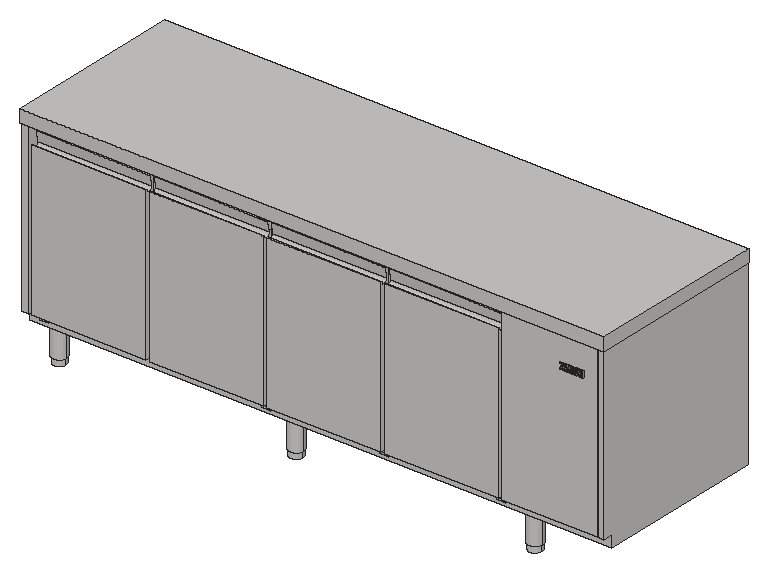
Revit family "QF_ZANUSSI_111056_ZH4HDAAAA", category Specialty Equipment, Revit 2018
Family settings
  Round Connector Dimension = Use Diameter
  Part Type = Normal
  Work Plane-Based = No
  Always vertical = Yes
  Cut with Voids When Loaded = No
  Shared = No
  Room Calculation Point = No
Parameters
  Weight = 0.00 kg
  Watts = 0.0232258 W
  Volts = 220 V
  URL Manufacturer = "http://www.zanussiprofessional.com/"
  URL = "http://www.zanussiprofessional.com/"
  Steam Supply Size = 0 mm
  Steam Supply Minimum Pressure = 0.0 Pa
  Steam Supply Maximum Pressure = 0.0 Pa
  Steam Pounds per Hour = 0
  Show Logo [instance] = yes
  Show Clearance [instance] = yes
  Refrigeration Suction Line Size = 0 mm
  Refrigeration Liquid Line Size = 0 mm
  Refrigerant Compressor Remote = yes
  Manufacturer = "Zanussi"
  Phase = 1
  Model = "ZH4HDAAAA"
  Length Actual = 2253 mm  # constant formula
  Item Number = "111056"
  Hot Water Size = 0 mm
  Height Actual = 900 mm  # constant formula
  HP = "0.3 HP"
  Gas Size = 0 mm
  Gas KW = 0
  Gas Input Pressure = 0 W
  Description = "4 DOORS REF.TABLE 590L-COOLING UNIT RGT"
  Depth Actual = 700 mm  # constant formula
  Cycle = 50 Hz
  Condensate Return Size = 0 mm
  Compressed Air Volume = 0.0 L/s
  Compressed Air Size = 0 mm
  Compressed Air Pressure = 0.0 Pa
  Cold Water Size = 0 mm
  Accessory = yes
Reference planes
  plane 1 "Center X": y = 182.5
  plane 2: z = 0
  plane 3 "Center Y": x = -580.5
  plane 4: y = -62.5
  plane 5: y = 451.5
  plane 6 "BACK": y = 532.5
  plane 7 "FRONT": y = -167.5
  plane 8: x = -1639
  plane 9: x = 199
  plane 10: z = 150
  plane 11 "TOP": z = 900
  plane 12: z = 850
  plane 13 "LEFT": x = -1705
  plane 14 "RIGHT": x = 544
  plane 15: x = -724
  plane 16: x = -1707
  plane 17: x = 546
Forms (mm)
  Extrusion 1, solid, material "QF_Finishes_Stainless Steel"
    sketch origin (-580.5, 2, 0) x (0, 1, 0) y (0, 0, 1)
      loop
        line (530.5, 150) -> (530.5, 850) -> (-124.5, 850) -> (-124.5, 150) -> (530.5, 150)
    from -1124.5 to 1124.5
  Extrusion 2, solid, material "QF_Finishes_Stainless Steel"
    sketch origin (-1022.223, -1524, 150) x (-1, 0, 0) y (0, -1, 0)
      loop
        line (682.777, -1361.5) -> (657.777, -1361.5) -> (657.777, -1401.5) -> (682.777, -1401.5) -> (682.777, -1361.5)
      loop
        line (-1566.223, -1401.5) -> (-1541.223, -1401.5) -> (-1541.223, -1361.5) -> (-1566.223, -1361.5) -> (-1566.223, -1401.5)
    from 47 to 700
  Extrusion 3, solid, material "QF_Finishes_Stainless Steel"
    sketch origin (0, 0, 900) x (-1, 0, 0) y (0, -1, 0)
      loop
        circle (310, -94.5) r 8.45
      loop
        circle (1218, -94.5) r 8.45
    from -790.577 to -750
  Extrusion 4, solid, material "QF_Finishes_Stainless Steel"
    sketch origin (0, 0, 0) x (1, 0, 0) y (0, 1, 0)
      loop
        circle (460, 451.5) r 4
    from 109.423 to 150
  Extrusion 5, solid, material "QF_Finishes_Stainless Steel"
    sketch origin (-126.5, 0, 0) x (0, 1, 0) y (0, 0, 1)
      loop
        line (-167.5, 900) -> (-167.5, 850) -> (532.5, 850) -> (532.5, 900) -> (-167.5, 900)
    from 672.5 to -1580.5
Cuts and joins
  joined: Extrusion 1, Extrusion 2
Lines and regions (mm)
  symbolic lines, style "SpecialityEquipmentHiddenLines"
    curve 1: line (-1707, -122.5, 900) -> (546, -122.5, 900)
    curve 2: line (-1583, -167.5, 900) -> (-1583, -122.5, 900)
  symbolic lines, style "SpecialityEquipment"
    curve 3: line (-1707, 532.5, 900) -> (546, 532.5, 900)
    curve 4: line (-1707, 532.5, 900) -> (-1707, -167.5, 900)
    curve 5: line (-1707, -167.5, 900) -> (546, -167.5, 900)
    curve 6: line (546, -167.5, 900) -> (546, 532.5, 900)
Dimensions and locks
  locked: plane 6 "BACK" to plane 7 "FRONT" at 700
  equal spacing: plane 6 "BACK", plane 1 "Center X", plane 7 "FRONT"
  locked: plane 6 "BACK" to plane 5 at 81
  plane 10 to level = 150 mm
  plane 11 "TOP" to plane 12 to plane 10 = 50 mm locked, 700 mm locked
  locked: Extrusion 2 sketch curve to Extrusion 2 sketch curve at 25  (x2)
  locked: plane 4 to plane 7 "FRONT" at 105
  locked: plane 6 "BACK" to Extrusion 3 sketch curve at 438  (x2)
  equal spacing: plane 13 "LEFT", plane 3 "Center Y", plane 14 "RIGHT"
  plane 16 to plane 17 = 2253 mm
  plane 13 "LEFT" to plane 8 = 66 mm
  plane 15 to plane 9 to plane 14 "RIGHT" = 923 mm, 345 mm
  plane 13 "LEFT" to Extrusion 3 sketch curve to Extrusion 3 sketch curve = 487 mm locked, 908 mm locked
  Extrusion 4 sketch curve to plane 14 "RIGHT" = 84 mm
  locked: plane 6 "BACK" to Extrusion 4 sketch curve at 81
  locked: plane 10 to Extrusion 4 at 40.577
  aligned and locked: level to plane 2
  aligned and locked: plane 10 to Extrusion 3
  aligned and locked: nested 4 to plane 4
  aligned and locked: nested 1 to plane 4
  aligned and locked: nested 3 to plane 5
  aligned and locked: nested 2 to plane 5
  aligned and locked: plane 8 to nested 1
  aligned and locked: plane 8 to nested 2
  aligned and locked: plane 9 to nested 4
  aligned and locked: plane 9 to nested 3
  aligned and locked: Extrusion 1 to Extrusion 2
  aligned and locked: Extrusion 2 to Extrusion 1
  aligned and locked: Extrusion 2 sketch curve to plane 14 "RIGHT"
  aligned and locked: plane 13 "LEFT" to Extrusion 2 sketch curve
  aligned and locked: cut or joined group of Extrusion 1, Extrusion 2 to plane 10
  aligned and locked: plane 12 to cut or joined group of Extrusion 1, Extrusion 2
  aligned and locked: plane 10 to Extrusion 4
  aligned and locked: plane 15 to nested 11
  aligned and locked: plane 15 to nested 12
Automatic sketch dimensions
  plane 7 "FRONT" to Extrusion 2 sketch curve = 45 mm  (x2)
  plane 7 "FRONT" to Extrusion 2 sketch curve = 5 mm  (x2)
  curve 2 to plane 7 "FRONT" = 0 mm
  curve 5 to plane 16 = 0 mm
  curve 3 to plane 6 "BACK" = 0 mm
  plane 8 to curve 2 = 56 mm
  plane 7 "FRONT" to curve 1 = 45 mm
  Extrusion 1 sketch curve to plane 10 = 0 mm
  Extrusion 1 sketch curve to plane 12 = 0 mm
  Extrusion 1 sketch curve to plane 6 "BACK" = 0 mm
  plane 7 "FRONT" to Extrusion 1 sketch curve = 45 mm
  Extrusion 5 sketch curve to plane 7 "FRONT" = 0 mm
  Extrusion 5 sketch curve to plane 6 "BACK" = 0 mm
  Extrusion 5 sketch curve to plane 12 = 0 mm
  Extrusion 5 sketch curve to plane 11 "TOP" = 0 mm
  curve 6 to plane 17 = 0 mm
  radius of Extrusion 3 sketch curve = 8.45 mm  (x2)
  radius of Extrusion 4 sketch curve = 4 mm
Nested families
  nested 1: "Foot_Ø50_H150" at (-1639, -62.5, 0), type "Foot_Ø50_H150"
  nested 2: "Foot_Ø50_H150" at (-1639, 451.5, 0), type "Foot_Ø50_H150"
  nested 3: "Foot_Ø50_H150" at (199, 451.5, 0), type "Foot_Ø50_H150"
  nested 4: "Foot_Ø50_H150" at (199, -62.5, 0), type "Foot_Ø50_H150"
  nested 5: "Door" at (-84, -164.5, 0), Show Clearance <- "Show Clearance", type "Door"
  nested 6: "Door" at (-538, -164.5, 0), Show Clearance <- "Show Clearance", type "Door"
  nested 7: "Refrigerator" at (544, -167.5, 900), type "Refrigerator"
  nested 8: "ZAN_Cooling Unit" at (334.5, -164.5, 0), Show Logo <- "Show Logo", type "ZAN_Cooling Unit"
  nested 9: "Door" at (-992, -164.5, 0), Show Clearance <- "Show Clearance", type "Door"
  nested 10: "Door" at (-1446, -164.5, 0) x (-1, 0, 0) z (0, 0, 1), Show Clearance <- "Show Clearance", type "Door"
  nested 11: "Foot_Ø50_H150" at (-724, -62.5, 0), type "Foot_Ø50_H150"
  nested 12: "Foot_Ø50_H150" at (-724, 451.5, 0), type "Foot_Ø50_H150"
Connectors
  electrical at (460, 451.5, 109.423), driven by "Volts"
    settings: on Extrusion 4, index 4, voltage 220 V, apparent load 0 VA, apparent load phase1 0 VA, apparent load phase2 0 VA, apparent load phase3 0 VA, power factor 1, load classification "Altro", number of poles 1, system type 30, power factor state 1, is connector primary yes, connector utility no, sub classification motor no, connector description "Electrical Connection"
  piping at (-310, 94.5, 109.423), diameter 17
    settings: on Extrusion 3, index 5, connector inside diameter 609.6 mm, connector length 0 mm, flow factor 0, pipe flow 0.0 L/s, pressure drop 0.0 Pa, fitting loss kfactor 0, connector angle 0.00°, fixture units 0, engagement length 0 mm, angle of deflection 0.00°, flow configuration 1, flow direction 2, fitting loss method 0, system type 16, joint type 0, gender type 0, connector reference index -1, connector utility 0, adjustable connector no, is connector primary yes, connector description "Drain"
  piping at (-1218, 94.5, 109.423), diameter 17
    settings: on Extrusion 3, index 6, connector inside diameter 609.6 mm, connector length 0 mm, flow factor 0, pipe flow 0.0 L/s, pressure drop 0.0 Pa, fitting loss kfactor 0, connector angle 0.00°, fixture units 0, engagement length 0 mm, angle of deflection 0.00°, flow configuration 1, flow direction 2, fitting loss method 0, system type 16, joint type 0, gender type 0, connector reference index -1, connector utility 0, adjustable connector no, is connector primary no, connector description "Drain"
Definition of nested family "Foot_Ø50_H150"
  Reference planes
    plane 1 "Centro (Fronte/Retro)": y = 0
    plane 2: z = 0
    plane 3 "Centro (Sinistra/Destra)": x = 0
    plane 4: z = 150
  Forms (mm)
    Revolve 1, solid
      sketch origin (255.05, 0, 608.09) x (0, 0, 1) y (-1, 0, 0)
        loop
          line (-608.09, 255.05) -> (-608.09, 230.05) -> (-583.09, 230.05) -> (-583.09, 226.05) -> (-458.09, 226.05) -> (-458.09, 255.05) -> (-608.09, 255.05)
        axis (-608.09, 255.05) -> (-458.09, 255.05)
      angle from 0 to 360
  Dimensions and locks
    locked: Revolve 1 sketch curve to Revolve 1 sketch curve at 125
    aligned and locked: level to plane 2
    aligned and locked: plane 4 to Revolve 1 sketch curve
    aligned and locked: Revolve 1 sketch curve to level
    aligned and locked: plane 3 "Centro (Sinistra/Destra)" to Revolve 1 sketch curve
Definition of nested family "Door"
  Parameters
    Show Clearance [instance] = yes
  Reference planes
    plane 1 "FRONT": y = -3
    plane 2: z = 0
    plane 3 "Centro (Sinistra/Destra)": x = 0
    plane 4: z = 150
    plane 5: z = 850
    plane 6: x = -234
    plane 7: x = 234
    plane 8: x = -220
    plane 9: x = 220
  Forms (mm)
    Extrusion 1, solid
      sketch origin (0, 53, 511) x (0, 0, 1) y (0, -1, 0)
        loop
          line (-323.003, 28.5) -> (-316.501, 28.5) -> (-316.501, 31) -> (-325.503, 31) -> (-325.503, 13.5) -> (-345.503, 13.5) -> (-345.503, 11) -> (-323.003, 11) -> (-323.003, 23.259) -> (-323.003, 28.5)
        loop
          line (-314, 27) -> (-316.501, 27) -> (-316.501, 18.501) -> (-319.752, 18.501) -> (-319.752, 16) -> (-314, 16) -> (-314, 27)
        loop
          line (315.003, 27) -> (315.003, 13.948) -> (315.003, 11) -> (327.503, 11) -> (327.503, 13.5) -> (317.503, 13.5) -> (317.503, 27) -> (315.003, 27)
      from 185 to 220
    Extrusion 2, solid, visible <- "Show Clearance", detail levels coarse
      sketch origin (0, 53, 511) x (0, -1, 0) y (1, 0, 0)
        loop
          line (51, 220) -> (51, -220)
          arc (51, -220) -> (339.234, -79.44) -> (454, 220) r 437.168
          line (454, 220) -> (51, 220)
      from -314 to 314
    Extrusion 3, solid
      sketch origin (0, 55, 511) x (0, 0, 1) y (0, -1, 0)
        loop
          line (314, 18) -> (314, 29) -> (274.395, 22.5)
          arc (274.395, 22.5) -> (260.395, 36.5) -> (274.395, 50.5) r 14
          line (274.395, 50.5) -> (274.395, 53) -> (-314, 53) -> (-314, 18) -> (314, 18)
      from -220 to 220
  Lines and regions (mm)
    symbolic lines
      curve 1: line (220, -3, 0) -> (220, -401, 0)
      curve 2: line (220, -401, 0) -> (185, -401, 0)
      curve 3: line (185, -401, 0) -> (185, -3, 0)
      curve 4: arc (-219.722, -3, 0) -> (-89.51, -275.368, 0) -> (185, -401, 0) r 442.855
  Dimensions and locks
    aligned and locked: level to plane 2
Definition of nested family "ZAN_Cooling Unit"
  Parameters
    Show Logo [instance] = yes
  Reference planes
    plane 1 "FRONT": y = -3
    plane 2: z = 0
    plane 3 "Centro (Sinistra/Destra)": x = 0
    plane 4: z = 150
    plane 5: z = 850
    plane 6: x = -184.5
    plane 7: x = 184.5
  Forms (mm)
    Extrusion 1, solid
      sketch origin (0, 55, 511) x (0, 0, 1) y (0, -1, 0)
        loop
          line (-314, 53) -> (-314, 13) -> (339, 13) -> (339, 53) -> (-314, 53)
      from -184.5 to 184.5
  Lines and regions (mm)
    Split face 1
      outline origin (0, 2, 197) x (0, 0, 1) y (-1, 0, 0)
        loop
          line (566.835, 184.5) -> (566.835, -184.5)
        loop
          line (521.835, 184.5) -> (521.835, -184.5)
    Split face 2
      outline origin (0, 2, 197) x (0, 0, 1) y (-1, 0, 0)
        loop
          arc (510.649, 158.547) -> (506.648, 162.548) -> (502.647, 158.547) r 4.001
          line (502.647, 158.547) -> (502.647, 116.535)
          arc (502.647, 116.535) -> (506.648, 112.533) -> (510.649, 116.535) r 4.001
          line (510.649, 116.535) -> (510.649, 158.547)
    Split face 3
      outline origin (0, 2, 184.996) x (0, 0, 1) y (-1, 0, 0)
        loop
          arc (510.649, 158.547) -> (506.648, 162.548) -> (502.647, 158.547) r 4.001
          line (502.647, 158.547) -> (502.647, 116.535)
          arc (502.647, 116.535) -> (506.648, 112.533) -> (510.649, 116.535) r 4.001
          line (510.649, 116.535) -> (510.649, 158.547)
    Split face 4
      outline origin (0, 2, 172.993) x (0, 0, 1) y (-1, 0, 0)
        loop
          arc (510.649, 158.547) -> (506.648, 162.548) -> (502.647, 158.547) r 4.001
          line (502.647, 158.547) -> (502.647, 116.535)
          arc (502.647, 116.535) -> (506.648, 112.533) -> (510.649, 116.535) r 4.001
          line (510.649, 116.535) -> (510.649, 158.547)
    Split face 5
      outline origin (0, 2, 160.989) x (0, 0, 1) y (-1, 0, 0)
        loop
          arc (510.649, 158.547) -> (506.648, 162.548) -> (502.647, 158.547) r 4.001
          line (502.647, 158.547) -> (502.647, 116.535)
          arc (502.647, 116.535) -> (506.648, 112.533) -> (510.649, 116.535) r 4.001
          line (510.649, 116.535) -> (510.649, 158.547)
    Split face 6
      outline origin (0, 2, 148.986) x (0, 0, 1) y (-1, 0, 0)
        loop
          arc (510.649, 158.547) -> (506.648, 162.548) -> (502.647, 158.547) r 4.001
          line (502.647, 158.547) -> (502.647, 116.535)
          arc (502.647, 116.535) -> (506.648, 112.533) -> (510.649, 116.535) r 4.001
          line (510.649, 116.535) -> (510.649, 158.547)
    Split face 7
      outline origin (0, 2, 136.982) x (0, 0, 1) y (-1, 0, 0)
        loop
          arc (510.649, 158.547) -> (506.648, 162.548) -> (502.647, 158.547) r 4.001
          line (502.647, 158.547) -> (502.647, 116.535)
          arc (502.647, 116.535) -> (506.648, 112.533) -> (510.649, 116.535) r 4.001
          line (510.649, 116.535) -> (510.649, 158.547)
    Split face 8
      outline origin (0, 2, 124.979) x (0, 0, 1) y (-1, 0, 0)
        loop
          arc (510.649, 158.547) -> (506.648, 162.548) -> (502.647, 158.547) r 4.001
          line (502.647, 158.547) -> (502.647, 116.535)
          arc (502.647, 116.535) -> (506.648, 112.533) -> (510.649, 116.535) r 4.001
          line (510.649, 116.535) -> (510.649, 158.547)
    Split face 9
      outline origin (0, 2, 112.975) x (0, 0, 1) y (-1, 0, 0)
        loop
          arc (510.649, 158.547) -> (506.648, 162.548) -> (502.647, 158.547) r 4.001
          line (502.647, 158.547) -> (502.647, 116.535)
          arc (502.647, 116.535) -> (506.648, 112.533) -> (510.649, 116.535) r 4.001
          line (510.649, 116.535) -> (510.649, 158.547)
    Split face 10
      outline origin (0, 2, 100.972) x (0, 0, 1) y (-1, 0, 0)
        loop
          arc (510.649, 158.547) -> (506.648, 162.548) -> (502.647, 158.547) r 4.001
          line (502.647, 158.547) -> (502.647, 116.535)
          arc (502.647, 116.535) -> (506.648, 112.533) -> (510.649, 116.535) r 4.001
          line (510.649, 116.535) -> (510.649, 158.547)
    Split face 11
      outline origin (0, 2, 88.968) x (0, 0, 1) y (-1, 0, 0)
        loop
          arc (510.649, 158.547) -> (506.648, 162.548) -> (502.647, 158.547) r 4.001
          line (502.647, 158.547) -> (502.647, 116.535)
          arc (502.647, 116.535) -> (506.648, 112.533) -> (510.649, 116.535) r 4.001
          line (510.649, 116.535) -> (510.649, 158.547)
    Split face 12
      outline origin (0, 2, 76.965) x (0, 0, 1) y (-1, 0, 0)
        loop
          arc (510.649, 158.547) -> (506.648, 162.548) -> (502.647, 158.547) r 4.001
          line (502.647, 158.547) -> (502.647, 116.535)
          arc (502.647, 116.535) -> (506.648, 112.533) -> (510.649, 116.535) r 4.001
          line (510.649, 116.535) -> (510.649, 158.547)
    Split face 13
      outline origin (0, 2, 64.961) x (0, 0, 1) y (-1, 0, 0)
        loop
          arc (510.649, 158.547) -> (506.648, 162.548) -> (502.647, 158.547) r 4.001
          line (502.647, 158.547) -> (502.647, 116.535)
          arc (502.647, 116.535) -> (506.648, 112.533) -> (510.649, 116.535) r 4.001
          line (510.649, 116.535) -> (510.649, 158.547)
    Split face 14
      outline origin (0, 2, 52.958) x (0, 0, 1) y (-1, 0, 0)
        loop
          arc (510.649, 158.547) -> (506.648, 162.548) -> (502.647, 158.547) r 4.001
          line (502.647, 158.547) -> (502.647, 116.535)
          arc (502.647, 116.535) -> (506.648, 112.533) -> (510.649, 116.535) r 4.001
          line (510.649, 116.535) -> (510.649, 158.547)
    Split face 15
      outline origin (0, 2, 40.954) x (0, 0, 1) y (-1, 0, 0)
        loop
          arc (510.649, 158.547) -> (506.648, 162.548) -> (502.647, 158.547) r 4.001
          line (502.647, 158.547) -> (502.647, 116.535)
          arc (502.647, 116.535) -> (506.648, 112.533) -> (510.649, 116.535) r 4.001
          line (510.649, 116.535) -> (510.649, 158.547)
    Split face 16
      outline origin (0, 2, 28.951) x (0, 0, 1) y (-1, 0, 0)
        loop
          arc (510.649, 158.547) -> (506.648, 162.548) -> (502.647, 158.547) r 4.001
          line (502.647, 158.547) -> (502.647, 116.535)
          arc (502.647, 116.535) -> (506.648, 112.533) -> (510.649, 116.535) r 4.001
          line (510.649, 116.535) -> (510.649, 158.547)
    Split face 17
      outline origin (0, 2, 16.947) x (0, 0, 1) y (-1, 0, 0)
        loop
          arc (510.649, 158.547) -> (506.648, 162.548) -> (502.647, 158.547) r 4.001
          line (502.647, 158.547) -> (502.647, 116.535)
          arc (502.647, 116.535) -> (506.648, 112.533) -> (510.649, 116.535) r 4.001
          line (510.649, 116.535) -> (510.649, 158.547)
    Split face 18
      outline origin (55.016, 2, 197) x (0, 0, 1) y (-1, 0, 0)
        loop
          arc (510.649, 158.547) -> (506.648, 162.548) -> (502.647, 158.547) r 4.001
          line (502.647, 158.547) -> (502.647, 116.535)
          arc (502.647, 116.535) -> (506.648, 112.533) -> (510.649, 116.535) r 4.001
          line (510.649, 116.535) -> (510.649, 158.547)
    Split face 19
      outline origin (55.016, 2, 184.996) x (0, 0, 1) y (-1, 0, 0)
        loop
          arc (510.649, 158.547) -> (506.648, 162.548) -> (502.647, 158.547) r 4.001
          line (502.647, 158.547) -> (502.647, 116.535)
          arc (502.647, 116.535) -> (506.648, 112.533) -> (510.649, 116.535) r 4.001
          line (510.649, 116.535) -> (510.649, 158.547)
    Split face 20
      outline origin (55.016, 2, 172.993) x (0, 0, 1) y (-1, 0, 0)
        loop
          arc (510.649, 158.547) -> (506.648, 162.548) -> (502.647, 158.547) r 4.001
          line (502.647, 158.547) -> (502.647, 116.535)
          arc (502.647, 116.535) -> (506.648, 112.533) -> (510.649, 116.535) r 4.001
          line (510.649, 116.535) -> (510.649, 158.547)
    Split face 21
      outline origin (55.016, 2, 160.989) x (0, 0, 1) y (-1, 0, 0)
        loop
          arc (510.649, 158.547) -> (506.648, 162.548) -> (502.647, 158.547) r 4.001
          line (502.647, 158.547) -> (502.647, 116.535)
          arc (502.647, 116.535) -> (506.648, 112.533) -> (510.649, 116.535) r 4.001
          line (510.649, 116.535) -> (510.649, 158.547)
    Split face 22
      outline origin (55.016, 2, 148.986) x (0, 0, 1) y (-1, 0, 0)
        loop
          arc (510.649, 158.547) -> (506.648, 162.548) -> (502.647, 158.547) r 4.001
          line (502.647, 158.547) -> (502.647, 116.535)
          arc (502.647, 116.535) -> (506.648, 112.533) -> (510.649, 116.535) r 4.001
          line (510.649, 116.535) -> (510.649, 158.547)
    Split face 23
      outline origin (55.016, 2, 136.982) x (0, 0, 1) y (-1, 0, 0)
        loop
          arc (510.649, 158.547) -> (506.648, 162.548) -> (502.647, 158.547) r 4.001
          line (502.647, 158.547) -> (502.647, 116.535)
          arc (502.647, 116.535) -> (506.648, 112.533) -> (510.649, 116.535) r 4.001
          line (510.649, 116.535) -> (510.649, 158.547)
    Split face 24
      outline origin (55.016, 2, 124.979) x (0, 0, 1) y (-1, 0, 0)
        loop
          arc (510.649, 158.547) -> (506.648, 162.548) -> (502.647, 158.547) r 4.001
          line (502.647, 158.547) -> (502.647, 116.535)
          arc (502.647, 116.535) -> (506.648, 112.533) -> (510.649, 116.535) r 4.001
          line (510.649, 116.535) -> (510.649, 158.547)
    Split face 25
      outline origin (55.016, 2, 112.975) x (0, 0, 1) y (-1, 0, 0)
        loop
          arc (510.649, 158.547) -> (506.648, 162.548) -> (502.647, 158.547) r 4.001
          line (502.647, 158.547) -> (502.647, 116.535)
          arc (502.647, 116.535) -> (506.648, 112.533) -> (510.649, 116.535) r 4.001
          line (510.649, 116.535) -> (510.649, 158.547)
    Split face 26
      outline origin (55.016, 2, 100.972) x (0, 0, 1) y (-1, 0, 0)
        loop
          arc (510.649, 158.547) -> (506.648, 162.548) -> (502.647, 158.547) r 4.001
          line (502.647, 158.547) -> (502.647, 116.535)
          arc (502.647, 116.535) -> (506.648, 112.533) -> (510.649, 116.535) r 4.001
          line (510.649, 116.535) -> (510.649, 158.547)
    Split face 27
      outline origin (55.016, 2, 88.968) x (0, 0, 1) y (-1, 0, 0)
        loop
          arc (510.649, 158.547) -> (506.648, 162.548) -> (502.647, 158.547) r 4.001
          line (502.647, 158.547) -> (502.647, 116.535)
          arc (502.647, 116.535) -> (506.648, 112.533) -> (510.649, 116.535) r 4.001
          line (510.649, 116.535) -> (510.649, 158.547)
    Split face 28
      outline origin (55.016, 2, 76.965) x (0, 0, 1) y (-1, 0, 0)
        loop
          arc (510.649, 158.547) -> (506.648, 162.548) -> (502.647, 158.547) r 4.001
          line (502.647, 158.547) -> (502.647, 116.535)
          arc (502.647, 116.535) -> (506.648, 112.533) -> (510.649, 116.535) r 4.001
          line (510.649, 116.535) -> (510.649, 158.547)
    Split face 29
      outline origin (55.016, 2, 64.961) x (0, 0, 1) y (-1, 0, 0)
        loop
          arc (510.649, 158.547) -> (506.648, 162.548) -> (502.647, 158.547) r 4.001
          line (502.647, 158.547) -> (502.647, 116.535)
          arc (502.647, 116.535) -> (506.648, 112.533) -> (510.649, 116.535) r 4.001
          line (510.649, 116.535) -> (510.649, 158.547)
    Split face 30
      outline origin (55.016, 2, 52.958) x (0, 0, 1) y (-1, 0, 0)
        loop
          arc (510.649, 158.547) -> (506.648, 162.548) -> (502.647, 158.547) r 4.001
          line (502.647, 158.547) -> (502.647, 116.535)
          arc (502.647, 116.535) -> (506.648, 112.533) -> (510.649, 116.535) r 4.001
          line (510.649, 116.535) -> (510.649, 158.547)
    Split face 31
      outline origin (55.016, 2, 40.954) x (0, 0, 1) y (-1, 0, 0)
        loop
          arc (510.649, 158.547) -> (506.648, 162.548) -> (502.647, 158.547) r 4.001
          line (502.647, 158.547) -> (502.647, 116.535)
          arc (502.647, 116.535) -> (506.648, 112.533) -> (510.649, 116.535) r 4.001
          line (510.649, 116.535) -> (510.649, 158.547)
    Split face 32
      outline origin (55.016, 2, 28.951) x (0, 0, 1) y (-1, 0, 0)
        loop
          arc (510.649, 158.547) -> (506.648, 162.548) -> (502.647, 158.547) r 4.001
          line (502.647, 158.547) -> (502.647, 116.535)
          arc (502.647, 116.535) -> (506.648, 112.533) -> (510.649, 116.535) r 4.001
          line (510.649, 116.535) -> (510.649, 158.547)
    Split face 33
      outline origin (55.016, 2, 16.947) x (0, 0, 1) y (-1, 0, 0)
        loop
          arc (510.649, 158.547) -> (506.648, 162.548) -> (502.647, 158.547) r 4.001
          line (502.647, 158.547) -> (502.647, 116.535)
          arc (502.647, 116.535) -> (506.648, 112.533) -> (510.649, 116.535) r 4.001
          line (510.649, 116.535) -> (510.649, 158.547)
    Split face 34
      outline origin (110.032, 2, 197) x (0, 0, 1) y (-1, 0, 0)
        loop
          arc (510.649, 158.547) -> (506.648, 162.548) -> (502.647, 158.547) r 4.001
          line (502.647, 158.547) -> (502.647, 116.535)
          arc (502.647, 116.535) -> (506.648, 112.533) -> (510.649, 116.535) r 4.001
          line (510.649, 116.535) -> (510.649, 158.547)
    Split face 35
      outline origin (110.032, 2, 184.996) x (0, 0, 1) y (-1, 0, 0)
        loop
          arc (510.649, 158.547) -> (506.648, 162.548) -> (502.647, 158.547) r 4.001
          line (502.647, 158.547) -> (502.647, 116.535)
          arc (502.647, 116.535) -> (506.648, 112.533) -> (510.649, 116.535) r 4.001
          line (510.649, 116.535) -> (510.649, 158.547)
    Split face 36
      outline origin (110.032, 2, 172.993) x (0, 0, 1) y (-1, 0, 0)
        loop
          arc (510.649, 158.547) -> (506.648, 162.548) -> (502.647, 158.547) r 4.001
          line (502.647, 158.547) -> (502.647, 116.535)
          arc (502.647, 116.535) -> (506.648, 112.533) -> (510.649, 116.535) r 4.001
          line (510.649, 116.535) -> (510.649, 158.547)
    Split face 37
      outline origin (110.032, 2, 160.989) x (0, 0, 1) y (-1, 0, 0)
        loop
          arc (510.649, 158.547) -> (506.648, 162.548) -> (502.647, 158.547) r 4.001
          line (502.647, 158.547) -> (502.647, 116.535)
          arc (502.647, 116.535) -> (506.648, 112.533) -> (510.649, 116.535) r 4.001
          line (510.649, 116.535) -> (510.649, 158.547)
    Split face 38
      outline origin (110.032, 2, 148.986) x (0, 0, 1) y (-1, 0, 0)
        loop
          arc (510.649, 158.547) -> (506.648, 162.548) -> (502.647, 158.547) r 4.001
          line (502.647, 158.547) -> (502.647, 116.535)
          arc (502.647, 116.535) -> (506.648, 112.533) -> (510.649, 116.535) r 4.001
          line (510.649, 116.535) -> (510.649, 158.547)
    Split face 39
      outline origin (110.032, 2, 136.982) x (0, 0, 1) y (-1, 0, 0)
        loop
          arc (510.649, 158.547) -> (506.648, 162.548) -> (502.647, 158.547) r 4.001
          line (502.647, 158.547) -> (502.647, 116.535)
          arc (502.647, 116.535) -> (506.648, 112.533) -> (510.649, 116.535) r 4.001
          line (510.649, 116.535) -> (510.649, 158.547)
    Split face 40
      outline origin (110.032, 2, 124.979) x (0, 0, 1) y (-1, 0, 0)
        loop
          arc (510.649, 158.547) -> (506.648, 162.548) -> (502.647, 158.547) r 4.001
          line (502.647, 158.547) -> (502.647, 116.535)
          arc (502.647, 116.535) -> (506.648, 112.533) -> (510.649, 116.535) r 4.001
          line (510.649, 116.535) -> (510.649, 158.547)
    Split face 41
      outline origin (110.032, 2, 112.975) x (0, 0, 1) y (-1, 0, 0)
        loop
          arc (510.649, 158.547) -> (506.648, 162.548) -> (502.647, 158.547) r 4.001
          line (502.647, 158.547) -> (502.647, 116.535)
          arc (502.647, 116.535) -> (506.648, 112.533) -> (510.649, 116.535) r 4.001
          line (510.649, 116.535) -> (510.649, 158.547)
    Split face 42
      outline origin (110.032, 2, 100.972) x (0, 0, 1) y (-1, 0, 0)
        loop
          arc (510.649, 158.547) -> (506.648, 162.548) -> (502.647, 158.547) r 4.001
          line (502.647, 158.547) -> (502.647, 116.535)
          arc (502.647, 116.535) -> (506.648, 112.533) -> (510.649, 116.535) r 4.001
          line (510.649, 116.535) -> (510.649, 158.547)
    Split face 43
      outline origin (110.032, 2, 88.968) x (0, 0, 1) y (-1, 0, 0)
        loop
          arc (510.649, 158.547) -> (506.648, 162.548) -> (502.647, 158.547) r 4.001
          line (502.647, 158.547) -> (502.647, 116.535)
          arc (502.647, 116.535) -> (506.648, 112.533) -> (510.649, 116.535) r 4.001
          line (510.649, 116.535) -> (510.649, 158.547)
    Split face 44
      outline origin (110.032, 2, 76.965) x (0, 0, 1) y (-1, 0, 0)
        loop
          arc (510.649, 158.547) -> (506.648, 162.548) -> (502.647, 158.547) r 4.001
          line (502.647, 158.547) -> (502.647, 116.535)
          arc (502.647, 116.535) -> (506.648, 112.533) -> (510.649, 116.535) r 4.001
          line (510.649, 116.535) -> (510.649, 158.547)
    Split face 45
      outline origin (110.032, 2, 64.961) x (0, 0, 1) y (-1, 0, 0)
        loop
          arc (510.649, 158.547) -> (506.648, 162.548) -> (502.647, 158.547) r 4.001
          line (502.647, 158.547) -> (502.647, 116.535)
          arc (502.647, 116.535) -> (506.648, 112.533) -> (510.649, 116.535) r 4.001
          line (510.649, 116.535) -> (510.649, 158.547)
    Split face 46
      outline origin (110.032, 2, 52.958) x (0, 0, 1) y (-1, 0, 0)
        loop
          arc (510.649, 158.547) -> (506.648, 162.548) -> (502.647, 158.547) r 4.001
          line (502.647, 158.547) -> (502.647, 116.535)
          arc (502.647, 116.535) -> (506.648, 112.533) -> (510.649, 116.535) r 4.001
          line (510.649, 116.535) -> (510.649, 158.547)
    Split face 47
      outline origin (110.032, 2, 40.954) x (0, 0, 1) y (-1, 0, 0)
        loop
          arc (510.649, 158.547) -> (506.648, 162.548) -> (502.647, 158.547) r 4.001
          line (502.647, 158.547) -> (502.647, 116.535)
          arc (502.647, 116.535) -> (506.648, 112.533) -> (510.649, 116.535) r 4.001
          line (510.649, 116.535) -> (510.649, 158.547)
    Split face 48
      outline origin (110.032, 2, 28.951) x (0, 0, 1) y (-1, 0, 0)
        loop
          arc (510.649, 158.547) -> (506.648, 162.548) -> (502.647, 158.547) r 4.001
          line (502.647, 158.547) -> (502.647, 116.535)
          arc (502.647, 116.535) -> (506.648, 112.533) -> (510.649, 116.535) r 4.001
          line (510.649, 116.535) -> (510.649, 158.547)
    Split face 49
      outline origin (110.032, 2, 16.947) x (0, 0, 1) y (-1, 0, 0)
        loop
          arc (510.649, 158.547) -> (506.648, 162.548) -> (502.647, 158.547) r 4.001
          line (502.647, 158.547) -> (502.647, 116.535)
          arc (502.647, 116.535) -> (506.648, 112.533) -> (510.649, 116.535) r 4.001
          line (510.649, 116.535) -> (510.649, 158.547)
    Split face 50
      outline origin (165.048, 2, 197) x (0, 0, 1) y (-1, 0, 0)
        loop
          arc (510.649, 158.547) -> (506.648, 162.548) -> (502.647, 158.547) r 4.001
          line (502.647, 158.547) -> (502.647, 116.535)
          arc (502.647, 116.535) -> (506.648, 112.533) -> (510.649, 116.535) r 4.001
          line (510.649, 116.535) -> (510.649, 158.547)
    Split face 51
      outline origin (165.048, 2, 184.996) x (0, 0, 1) y (-1, 0, 0)
        loop
          arc (510.649, 158.547) -> (506.648, 162.548) -> (502.647, 158.547) r 4.001
          line (502.647, 158.547) -> (502.647, 116.535)
          arc (502.647, 116.535) -> (506.648, 112.533) -> (510.649, 116.535) r 4.001
          line (510.649, 116.535) -> (510.649, 158.547)
    Split face 52
      outline origin (165.048, 2, 172.993) x (0, 0, 1) y (-1, 0, 0)
        loop
          arc (510.649, 158.547) -> (506.648, 162.548) -> (502.647, 158.547) r 4.001
          line (502.647, 158.547) -> (502.647, 116.535)
          arc (502.647, 116.535) -> (506.648, 112.533) -> (510.649, 116.535) r 4.001
          line (510.649, 116.535) -> (510.649, 158.547)
    Split face 53
      outline origin (165.048, 2, 160.989) x (0, 0, 1) y (-1, 0, 0)
        loop
          arc (510.649, 158.547) -> (506.648, 162.548) -> (502.647, 158.547) r 4.001
          line (502.647, 158.547) -> (502.647, 116.535)
          arc (502.647, 116.535) -> (506.648, 112.533) -> (510.649, 116.535) r 4.001
          line (510.649, 116.535) -> (510.649, 158.547)
    Split face 54
      outline origin (165.048, 2, 148.986) x (0, 0, 1) y (-1, 0, 0)
        loop
          arc (510.649, 158.547) -> (506.648, 162.548) -> (502.647, 158.547) r 4.001
          line (502.647, 158.547) -> (502.647, 116.535)
          arc (502.647, 116.535) -> (506.648, 112.533) -> (510.649, 116.535) r 4.001
          line (510.649, 116.535) -> (510.649, 158.547)
    Split face 55
      outline origin (165.048, 2, 136.982) x (0, 0, 1) y (-1, 0, 0)
        loop
          arc (510.649, 158.547) -> (506.648, 162.548) -> (502.647, 158.547) r 4.001
          line (502.647, 158.547) -> (502.647, 116.535)
          arc (502.647, 116.535) -> (506.648, 112.533) -> (510.649, 116.535) r 4.001
          line (510.649, 116.535) -> (510.649, 158.547)
    Split face 56
      outline origin (165.048, 2, 124.979) x (0, 0, 1) y (-1, 0, 0)
        loop
          arc (510.649, 158.547) -> (506.648, 162.548) -> (502.647, 158.547) r 4.001
          line (502.647, 158.547) -> (502.647, 116.535)
          arc (502.647, 116.535) -> (506.648, 112.533) -> (510.649, 116.535) r 4.001
          line (510.649, 116.535) -> (510.649, 158.547)
    Split face 57
      outline origin (165.048, 2, 112.975) x (0, 0, 1) y (-1, 0, 0)
        loop
          arc (510.649, 158.547) -> (506.648, 162.548) -> (502.647, 158.547) r 4.001
          line (502.647, 158.547) -> (502.647, 116.535)
          arc (502.647, 116.535) -> (506.648, 112.533) -> (510.649, 116.535) r 4.001
          line (510.649, 116.535) -> (510.649, 158.547)
    Split face 58
      outline origin (165.048, 2, 100.972) x (0, 0, 1) y (-1, 0, 0)
        loop
          arc (510.649, 158.547) -> (506.648, 162.548) -> (502.647, 158.547) r 4.001
          line (502.647, 158.547) -> (502.647, 116.535)
          arc (502.647, 116.535) -> (506.648, 112.533) -> (510.649, 116.535) r 4.001
          line (510.649, 116.535) -> (510.649, 158.547)
    Split face 59
      outline origin (165.048, 2, 88.968) x (0, 0, 1) y (-1, 0, 0)
        loop
          arc (510.649, 158.547) -> (506.648, 162.548) -> (502.647, 158.547) r 4.001
          line (502.647, 158.547) -> (502.647, 116.535)
          arc (502.647, 116.535) -> (506.648, 112.533) -> (510.649, 116.535) r 4.001
          line (510.649, 116.535) -> (510.649, 158.547)
    Split face 60
      outline origin (165.048, 2, 76.965) x (0, 0, 1) y (-1, 0, 0)
        loop
          arc (510.649, 158.547) -> (506.648, 162.548) -> (502.647, 158.547) r 4.001
          line (502.647, 158.547) -> (502.647, 116.535)
          arc (502.647, 116.535) -> (506.648, 112.533) -> (510.649, 116.535) r 4.001
          line (510.649, 116.535) -> (510.649, 158.547)
    Split face 61
      outline origin (165.048, 2, 64.961) x (0, 0, 1) y (-1, 0, 0)
        loop
          arc (510.649, 158.547) -> (506.648, 162.548) -> (502.647, 158.547) r 4.001
          line (502.647, 158.547) -> (502.647, 116.535)
          arc (502.647, 116.535) -> (506.648, 112.533) -> (510.649, 116.535) r 4.001
          line (510.649, 116.535) -> (510.649, 158.547)
    Split face 62
      outline origin (165.048, 2, 52.958) x (0, 0, 1) y (-1, 0, 0)
        loop
          arc (510.649, 158.547) -> (506.648, 162.548) -> (502.647, 158.547) r 4.001
          line (502.647, 158.547) -> (502.647, 116.535)
          arc (502.647, 116.535) -> (506.648, 112.533) -> (510.649, 116.535) r 4.001
          line (510.649, 116.535) -> (510.649, 158.547)
    Split face 63
      outline origin (165.048, 2, 40.954) x (0, 0, 1) y (-1, 0, 0)
        loop
          arc (510.649, 158.547) -> (506.648, 162.548) -> (502.647, 158.547) r 4.001
          line (502.647, 158.547) -> (502.647, 116.535)
          arc (502.647, 116.535) -> (506.648, 112.533) -> (510.649, 116.535) r 4.001
          line (510.649, 116.535) -> (510.649, 158.547)
    Split face 64
      outline origin (165.048, 2, 28.951) x (0, 0, 1) y (-1, 0, 0)
        loop
          arc (510.649, 158.547) -> (506.648, 162.548) -> (502.647, 158.547) r 4.001
          line (502.647, 158.547) -> (502.647, 116.535)
          arc (502.647, 116.535) -> (506.648, 112.533) -> (510.649, 116.535) r 4.001
          line (510.649, 116.535) -> (510.649, 158.547)
    Split face 65
      outline origin (165.048, 2, 16.947) x (0, 0, 1) y (-1, 0, 0)
        loop
          arc (510.649, 158.547) -> (506.648, 162.548) -> (502.647, 158.547) r 4.001
          line (502.647, 158.547) -> (502.647, 116.535)
          arc (502.647, 116.535) -> (506.648, 112.533) -> (510.649, 116.535) r 4.001
          line (510.649, 116.535) -> (510.649, 158.547)
    Split face 66
      outline origin (220.064, 2, 197) x (0, 0, 1) y (-1, 0, 0)
        loop
          arc (510.649, 158.547) -> (506.648, 162.548) -> (502.647, 158.547) r 4.001
          line (502.647, 158.547) -> (502.647, 116.535)
          arc (502.647, 116.535) -> (506.648, 112.533) -> (510.649, 116.535) r 4.001
          line (510.649, 116.535) -> (510.649, 158.547)
    Split face 67
      outline origin (220.064, 2, 184.996) x (0, 0, 1) y (-1, 0, 0)
        loop
          arc (510.649, 158.547) -> (506.648, 162.548) -> (502.647, 158.547) r 4.001
          line (502.647, 158.547) -> (502.647, 116.535)
          arc (502.647, 116.535) -> (506.648, 112.533) -> (510.649, 116.535) r 4.001
          line (510.649, 116.535) -> (510.649, 158.547)
    Split face 68
      outline origin (220.064, 2, 172.993) x (0, 0, 1) y (-1, 0, 0)
        loop
          arc (510.649, 158.547) -> (506.648, 162.548) -> (502.647, 158.547) r 4.001
          line (502.647, 158.547) -> (502.647, 116.535)
          arc (502.647, 116.535) -> (506.648, 112.533) -> (510.649, 116.535) r 4.001
          line (510.649, 116.535) -> (510.649, 158.547)
    Split face 69
      outline origin (220.064, 2, 160.989) x (0, 0, 1) y (-1, 0, 0)
        loop
          arc (510.649, 158.547) -> (506.648, 162.548) -> (502.647, 158.547) r 4.001
          line (502.647, 158.547) -> (502.647, 116.535)
          arc (502.647, 116.535) -> (506.648, 112.533) -> (510.649, 116.535) r 4.001
          line (510.649, 116.535) -> (510.649, 158.547)
    Split face 70
      outline origin (220.064, 2, 148.986) x (0, 0, 1) y (-1, 0, 0)
        loop
          arc (510.649, 158.547) -> (506.648, 162.548) -> (502.647, 158.547) r 4.001
          line (502.647, 158.547) -> (502.647, 116.535)
          arc (502.647, 116.535) -> (506.648, 112.533) -> (510.649, 116.535) r 4.001
          line (510.649, 116.535) -> (510.649, 158.547)
    Split face 71
      outline origin (220.064, 2, 136.982) x (0, 0, 1) y (-1, 0, 0)
        loop
          arc (510.649, 158.547) -> (506.648, 162.548) -> (502.647, 158.547) r 4.001
          line (502.647, 158.547) -> (502.647, 116.535)
          arc (502.647, 116.535) -> (506.648, 112.533) -> (510.649, 116.535) r 4.001
          line (510.649, 116.535) -> (510.649, 158.547)
    Split face 72
      outline origin (220.064, 2, 124.979) x (0, 0, 1) y (-1, 0, 0)
        loop
          arc (510.649, 158.547) -> (506.648, 162.548) -> (502.647, 158.547) r 4.001
          line (502.647, 158.547) -> (502.647, 116.535)
          arc (502.647, 116.535) -> (506.648, 112.533) -> (510.649, 116.535) r 4.001
          line (510.649, 116.535) -> (510.649, 158.547)
    Split face 73
      outline origin (220.064, 2, 112.975) x (0, 0, 1) y (-1, 0, 0)
        loop
          arc (510.649, 158.547) -> (506.648, 162.548) -> (502.647, 158.547) r 4.001
          line (502.647, 158.547) -> (502.647, 116.535)
          arc (502.647, 116.535) -> (506.648, 112.533) -> (510.649, 116.535) r 4.001
          line (510.649, 116.535) -> (510.649, 158.547)
    Split face 74
      outline origin (220.064, 2, 100.972) x (0, 0, 1) y (-1, 0, 0)
        loop
          arc (510.649, 158.547) -> (506.648, 162.548) -> (502.647, 158.547) r 4.001
          line (502.647, 158.547) -> (502.647, 116.535)
          arc (502.647, 116.535) -> (506.648, 112.533) -> (510.649, 116.535) r 4.001
          line (510.649, 116.535) -> (510.649, 158.547)
    Split face 75
      outline origin (220.064, 2, 88.968) x (0, 0, 1) y (-1, 0, 0)
        loop
          arc (510.649, 158.547) -> (506.648, 162.548) -> (502.647, 158.547) r 4.001
          line (502.647, 158.547) -> (502.647, 116.535)
          arc (502.647, 116.535) -> (506.648, 112.533) -> (510.649, 116.535) r 4.001
          line (510.649, 116.535) -> (510.649, 158.547)
    Split face 76
      outline origin (220.064, 2, 76.965) x (0, 0, 1) y (-1, 0, 0)
        loop
          arc (510.649, 158.547) -> (506.648, 162.548) -> (502.647, 158.547) r 4.001
          line (502.647, 158.547) -> (502.647, 116.535)
          arc (502.647, 116.535) -> (506.648, 112.533) -> (510.649, 116.535) r 4.001
          line (510.649, 116.535) -> (510.649, 158.547)
    Split face 77
      outline origin (220.064, 2, 64.961) x (0, 0, 1) y (-1, 0, 0)
        loop
          arc (510.649, 158.547) -> (506.648, 162.548) -> (502.647, 158.547) r 4.001
          line (502.647, 158.547) -> (502.647, 116.535)
          arc (502.647, 116.535) -> (506.648, 112.533) -> (510.649, 116.535) r 4.001
          line (510.649, 116.535) -> (510.649, 158.547)
    Split face 78
      outline origin (220.064, 2, 52.958) x (0, 0, 1) y (-1, 0, 0)
        loop
          arc (510.649, 158.547) -> (506.648, 162.548) -> (502.647, 158.547) r 4.001
          line (502.647, 158.547) -> (502.647, 116.535)
          arc (502.647, 116.535) -> (506.648, 112.533) -> (510.649, 116.535) r 4.001
          line (510.649, 116.535) -> (510.649, 158.547)
    Split face 79
      outline origin (220.064, 2, 40.954) x (0, 0, 1) y (-1, 0, 0)
        loop
          arc (510.649, 158.547) -> (506.648, 162.548) -> (502.647, 158.547) r 4.001
          line (502.647, 158.547) -> (502.647, 116.535)
          arc (502.647, 116.535) -> (506.648, 112.533) -> (510.649, 116.535) r 4.001
          line (510.649, 116.535) -> (510.649, 158.547)
    Split face 80
      outline origin (220.064, 2, 28.951) x (0, 0, 1) y (-1, 0, 0)
        loop
          arc (510.649, 158.547) -> (506.648, 162.548) -> (502.647, 158.547) r 4.001
          line (502.647, 158.547) -> (502.647, 116.535)
          arc (502.647, 116.535) -> (506.648, 112.533) -> (510.649, 116.535) r 4.001
          line (510.649, 116.535) -> (510.649, 158.547)
    Split face 81
      outline origin (220.064, 2, 16.947) x (0, 0, 1) y (-1, 0, 0)
        loop
          arc (510.649, 158.547) -> (506.648, 162.548) -> (502.647, 158.547) r 4.001
          line (502.647, 158.547) -> (502.647, 116.535)
          arc (502.647, 116.535) -> (506.648, 112.533) -> (510.649, 116.535) r 4.001
          line (510.649, 116.535) -> (510.649, 158.547)
    Split face 82
      outline origin (275.081, 2, 197) x (0, 0, 1) y (-1, 0, 0)
        loop
          arc (510.649, 158.547) -> (506.648, 162.548) -> (502.647, 158.547) r 4.001
          line (502.647, 158.547) -> (502.647, 116.535)
          arc (502.647, 116.535) -> (506.648, 112.533) -> (510.649, 116.535) r 4.001
          line (510.649, 116.535) -> (510.649, 158.547)
    Split face 83
      outline origin (275.081, 2, 184.996) x (0, 0, 1) y (-1, 0, 0)
        loop
          arc (510.649, 158.547) -> (506.648, 162.548) -> (502.647, 158.547) r 4.001
          line (502.647, 158.547) -> (502.647, 116.535)
          arc (502.647, 116.535) -> (506.648, 112.533) -> (510.649, 116.535) r 4.001
          line (510.649, 116.535) -> (510.649, 158.547)
    Split face 84
      outline origin (275.081, 2, 172.993) x (0, 0, 1) y (-1, 0, 0)
        loop
          arc (510.649, 158.547) -> (506.648, 162.548) -> (502.647, 158.547) r 4.001
          line (502.647, 158.547) -> (502.647, 116.535)
          arc (502.647, 116.535) -> (506.648, 112.533) -> (510.649, 116.535) r 4.001
          line (510.649, 116.535) -> (510.649, 158.547)
    Split face 85
      outline origin (275.081, 2, 160.989) x (0, 0, 1) y (-1, 0, 0)
        loop
          arc (510.649, 158.547) -> (506.648, 162.548) -> (502.647, 158.547) r 4.001
          line (502.647, 158.547) -> (502.647, 116.535)
          arc (502.647, 116.535) -> (506.648, 112.533) -> (510.649, 116.535) r 4.001
          line (510.649, 116.535) -> (510.649, 158.547)
    Split face 86
      outline origin (275.081, 2, 148.986) x (0, 0, 1) y (-1, 0, 0)
        loop
          arc (510.649, 158.547) -> (506.648, 162.548) -> (502.647, 158.547) r 4.001
          line (502.647, 158.547) -> (502.647, 116.535)
          arc (502.647, 116.535) -> (506.648, 112.533) -> (510.649, 116.535) r 4.001
          line (510.649, 116.535) -> (510.649, 158.547)
    Split face 87
      outline origin (275.081, 2, 136.982) x (0, 0, 1) y (-1, 0, 0)
        loop
          arc (510.649, 158.547) -> (506.648, 162.548) -> (502.647, 158.547) r 4.001
          line (502.647, 158.547) -> (502.647, 116.535)
          arc (502.647, 116.535) -> (506.648, 112.533) -> (510.649, 116.535) r 4.001
          line (510.649, 116.535) -> (510.649, 158.547)
    Split face 88
      outline origin (275.081, 2, 124.979) x (0, 0, 1) y (-1, 0, 0)
        loop
          arc (510.649, 158.547) -> (506.648, 162.548) -> (502.647, 158.547) r 4.001
          line (502.647, 158.547) -> (502.647, 116.535)
          arc (502.647, 116.535) -> (506.648, 112.533) -> (510.649, 116.535) r 4.001
          line (510.649, 116.535) -> (510.649, 158.547)
    Split face 89
      outline origin (275.081, 2, 112.975) x (0, 0, 1) y (-1, 0, 0)
        loop
          arc (510.649, 158.547) -> (506.648, 162.548) -> (502.647, 158.547) r 4.001
          line (502.647, 158.547) -> (502.647, 116.535)
          arc (502.647, 116.535) -> (506.648, 112.533) -> (510.649, 116.535) r 4.001
          line (510.649, 116.535) -> (510.649, 158.547)
    Split face 90
      outline origin (275.081, 2, 100.972) x (0, 0, 1) y (-1, 0, 0)
        loop
          arc (510.649, 158.547) -> (506.648, 162.548) -> (502.647, 158.547) r 4.001
          line (502.647, 158.547) -> (502.647, 116.535)
          arc (502.647, 116.535) -> (506.648, 112.533) -> (510.649, 116.535) r 4.001
          line (510.649, 116.535) -> (510.649, 158.547)
    Split face 91
      outline origin (275.081, 2, 88.968) x (0, 0, 1) y (-1, 0, 0)
        loop
          arc (510.649, 158.547) -> (506.648, 162.548) -> (502.647, 158.547) r 4.001
          line (502.647, 158.547) -> (502.647, 116.535)
          arc (502.647, 116.535) -> (506.648, 112.533) -> (510.649, 116.535) r 4.001
          line (510.649, 116.535) -> (510.649, 158.547)
    Split face 92
      outline origin (275.081, 2, 76.965) x (0, 0, 1) y (-1, 0, 0)
        loop
          arc (510.649, 158.547) -> (506.648, 162.548) -> (502.647, 158.547) r 4.001
          line (502.647, 158.547) -> (502.647, 116.535)
          arc (502.647, 116.535) -> (506.648, 112.533) -> (510.649, 116.535) r 4.001
          line (510.649, 116.535) -> (510.649, 158.547)
    Split face 93
      outline origin (275.081, 2, 64.961) x (0, 0, 1) y (-1, 0, 0)
        loop
          arc (510.649, 158.547) -> (506.648, 162.548) -> (502.647, 158.547) r 4.001
          line (502.647, 158.547) -> (502.647, 116.535)
          arc (502.647, 116.535) -> (506.648, 112.533) -> (510.649, 116.535) r 4.001
          line (510.649, 116.535) -> (510.649, 158.547)
    Split face 94
      outline origin (275.081, 2, 52.958) x (0, 0, 1) y (-1, 0, 0)
        loop
          arc (510.649, 158.547) -> (506.648, 162.548) -> (502.647, 158.547) r 4.001
          line (502.647, 158.547) -> (502.647, 116.535)
          arc (502.647, 116.535) -> (506.648, 112.533) -> (510.649, 116.535) r 4.001
          line (510.649, 116.535) -> (510.649, 158.547)
    Split face 95
      outline origin (275.081, 2, 40.954) x (0, 0, 1) y (-1, 0, 0)
        loop
          arc (510.649, 158.547) -> (506.648, 162.548) -> (502.647, 158.547) r 4.001
          line (502.647, 158.547) -> (502.647, 116.535)
          arc (502.647, 116.535) -> (506.648, 112.533) -> (510.649, 116.535) r 4.001
          line (510.649, 116.535) -> (510.649, 158.547)
    Split face 96
      outline origin (275.081, 2, 28.951) x (0, 0, 1) y (-1, 0, 0)
        loop
          arc (510.649, 158.547) -> (506.648, 162.548) -> (502.647, 158.547) r 4.001
          line (502.647, 158.547) -> (502.647, 116.535)
          arc (502.647, 116.535) -> (506.648, 112.533) -> (510.649, 116.535) r 4.001
          line (510.649, 116.535) -> (510.649, 158.547)
    Split face 97
      outline origin (275.081, 2, 16.947) x (0, 0, 1) y (-1, 0, 0)
        loop
          arc (510.649, 158.547) -> (506.648, 162.548) -> (502.647, 158.547) r 4.001
          line (502.647, 158.547) -> (502.647, 116.535)
          arc (502.647, 116.535) -> (506.648, 112.533) -> (510.649, 116.535) r 4.001
          line (510.649, 116.535) -> (510.649, 158.547)
    Split face 98
      outline origin (0, 2, -113.091) x (0, 0, 1) y (-1, 0, 0)
        loop
          arc (510.649, 158.547) -> (506.648, 162.548) -> (502.647, 158.547) r 4.001
          line (502.647, 158.547) -> (502.647, 116.535)
          arc (502.647, 116.535) -> (506.648, 112.533) -> (510.649, 116.535) r 4.001
          line (510.649, 116.535) -> (510.649, 158.547)
    Split face 99
      outline origin (0, 2, -125.094) x (0, 0, 1) y (-1, 0, 0)
        loop
          arc (510.649, 158.547) -> (506.648, 162.548) -> (502.647, 158.547) r 4.001
          line (502.647, 158.547) -> (502.647, 116.535)
          arc (502.647, 116.535) -> (506.648, 112.533) -> (510.649, 116.535) r 4.001
          line (510.649, 116.535) -> (510.649, 158.547)
    Split face 100
      outline origin (0, 2, -137.098) x (0, 0, 1) y (-1, 0, 0)
        loop
          arc (510.649, 158.547) -> (506.648, 162.548) -> (502.647, 158.547) r 4.001
          line (502.647, 158.547) -> (502.647, 116.535)
          arc (502.647, 116.535) -> (506.648, 112.533) -> (510.649, 116.535) r 4.001
          line (510.649, 116.535) -> (510.649, 158.547)
    Split face 101
      outline origin (0, 2, -149.101) x (0, 0, 1) y (-1, 0, 0)
        loop
          arc (510.649, 158.547) -> (506.648, 162.548) -> (502.647, 158.547) r 4.001
          line (502.647, 158.547) -> (502.647, 116.535)
          arc (502.647, 116.535) -> (506.648, 112.533) -> (510.649, 116.535) r 4.001
          line (510.649, 116.535) -> (510.649, 158.547)
    Split face 102
      outline origin (0, 2, -161.105) x (0, 0, 1) y (-1, 0, 0)
        loop
          arc (510.649, 158.547) -> (506.648, 162.548) -> (502.647, 158.547) r 4.001
          line (502.647, 158.547) -> (502.647, 116.535)
          arc (502.647, 116.535) -> (506.648, 112.533) -> (510.649, 116.535) r 4.001
          line (510.649, 116.535) -> (510.649, 158.547)
    Split face 103
      outline origin (0, 2, -173.108) x (0, 0, 1) y (-1, 0, 0)
        loop
          arc (510.649, 158.547) -> (506.648, 162.548) -> (502.647, 158.547) r 4.001
          line (502.647, 158.547) -> (502.647, 116.535)
          arc (502.647, 116.535) -> (506.648, 112.533) -> (510.649, 116.535) r 4.001
          line (510.649, 116.535) -> (510.649, 158.547)
    Split face 104
      outline origin (0, 2, -185.112) x (0, 0, 1) y (-1, 0, 0)
        loop
          arc (510.649, 158.547) -> (506.648, 162.548) -> (502.647, 158.547) r 4.001
          line (502.647, 158.547) -> (502.647, 116.535)
          arc (502.647, 116.535) -> (506.648, 112.533) -> (510.649, 116.535) r 4.001
          line (510.649, 116.535) -> (510.649, 158.547)
    Split face 105
      outline origin (0, 2, -197.115) x (0, 0, 1) y (-1, 0, 0)
        loop
          arc (510.649, 158.547) -> (506.648, 162.548) -> (502.647, 158.547) r 4.001
          line (502.647, 158.547) -> (502.647, 116.535)
          arc (502.647, 116.535) -> (506.648, 112.533) -> (510.649, 116.535) r 4.001
          line (510.649, 116.535) -> (510.649, 158.547)
    Split face 106
      outline origin (0, 2, -209.119) x (0, 0, 1) y (-1, 0, 0)
        loop
          arc (510.649, 158.547) -> (506.648, 162.548) -> (502.647, 158.547) r 4.001
          line (502.647, 158.547) -> (502.647, 116.535)
          arc (502.647, 116.535) -> (506.648, 112.533) -> (510.649, 116.535) r 4.001
          line (510.649, 116.535) -> (510.649, 158.547)
    Split face 107
      outline origin (0, 2, -221.122) x (0, 0, 1) y (-1, 0, 0)
        loop
          arc (510.649, 158.547) -> (506.648, 162.548) -> (502.647, 158.547) r 4.001
          line (502.647, 158.547) -> (502.647, 116.535)
          arc (502.647, 116.535) -> (506.648, 112.533) -> (510.649, 116.535) r 4.001
          line (510.649, 116.535) -> (510.649, 158.547)
    Split face 108
      outline origin (0, 2, -233.126) x (0, 0, 1) y (-1, 0, 0)
        loop
          arc (510.649, 158.547) -> (506.648, 162.548) -> (502.647, 158.547) r 4.001
          line (502.647, 158.547) -> (502.647, 116.535)
          arc (502.647, 116.535) -> (506.648, 112.533) -> (510.649, 116.535) r 4.001
          line (510.649, 116.535) -> (510.649, 158.547)
    Split face 109
      outline origin (0, 2, -245.129) x (0, 0, 1) y (-1, 0, 0)
        loop
          arc (510.649, 158.547) -> (506.648, 162.548) -> (502.647, 158.547) r 4.001
          line (502.647, 158.547) -> (502.647, 116.535)
          arc (502.647, 116.535) -> (506.648, 112.533) -> (510.649, 116.535) r 4.001
          line (510.649, 116.535) -> (510.649, 158.547)
    Split face 110
      outline origin (0, 2, -257.133) x (0, 0, 1) y (-1, 0, 0)
        loop
          arc (510.649, 158.547) -> (506.648, 162.548) -> (502.647, 158.547) r 4.001
          line (502.647, 158.547) -> (502.647, 116.535)
          arc (502.647, 116.535) -> (506.648, 112.533) -> (510.649, 116.535) r 4.001
          line (510.649, 116.535) -> (510.649, 158.547)
    Split face 111
      outline origin (0, 2, -269.136) x (0, 0, 1) y (-1, 0, 0)
        loop
          arc (510.649, 158.547) -> (506.648, 162.548) -> (502.647, 158.547) r 4.001
          line (502.647, 158.547) -> (502.647, 116.535)
          arc (502.647, 116.535) -> (506.648, 112.533) -> (510.649, 116.535) r 4.001
          line (510.649, 116.535) -> (510.649, 158.547)
    Split face 112
      outline origin (0, 2, -281.14) x (0, 0, 1) y (-1, 0, 0)
        loop
          arc (510.649, 158.547) -> (506.648, 162.548) -> (502.647, 158.547) r 4.001
          line (502.647, 158.547) -> (502.647, 116.535)
          arc (502.647, 116.535) -> (506.648, 112.533) -> (510.649, 116.535) r 4.001
          line (510.649, 116.535) -> (510.649, 158.547)
    Split face 113
      outline origin (0, 2, -293.144) x (0, 0, 1) y (-1, 0, 0)
        loop
          arc (510.649, 158.547) -> (506.648, 162.548) -> (502.647, 158.547) r 4.001
          line (502.647, 158.547) -> (502.647, 116.535)
          arc (502.647, 116.535) -> (506.648, 112.533) -> (510.649, 116.535) r 4.001
          line (510.649, 116.535) -> (510.649, 158.547)
    Split face 114
      outline origin (55.016, 2, -113.091) x (0, 0, 1) y (-1, 0, 0)
        loop
          arc (510.649, 158.547) -> (506.648, 162.548) -> (502.647, 158.547) r 4.001
          line (502.647, 158.547) -> (502.647, 116.535)
          arc (502.647, 116.535) -> (506.648, 112.533) -> (510.649, 116.535) r 4.001
          line (510.649, 116.535) -> (510.649, 158.547)
    Split face 115
      outline origin (55.016, 2, -125.094) x (0, 0, 1) y (-1, 0, 0)
        loop
          arc (510.649, 158.547) -> (506.648, 162.548) -> (502.647, 158.547) r 4.001
          line (502.647, 158.547) -> (502.647, 116.535)
          arc (502.647, 116.535) -> (506.648, 112.533) -> (510.649, 116.535) r 4.001
          line (510.649, 116.535) -> (510.649, 158.547)
    Split face 116
      outline origin (55.016, 2, -137.098) x (0, 0, 1) y (-1, 0, 0)
        loop
          arc (510.649, 158.547) -> (506.648, 162.548) -> (502.647, 158.547) r 4.001
          line (502.647, 158.547) -> (502.647, 116.535)
          arc (502.647, 116.535) -> (506.648, 112.533) -> (510.649, 116.535) r 4.001
          line (510.649, 116.535) -> (510.649, 158.547)
    Split face 117
      outline origin (55.016, 2, -149.101) x (0, 0, 1) y (-1, 0, 0)
        loop
          arc (510.649, 158.547) -> (506.648, 162.548) -> (502.647, 158.547) r 4.001
          line (502.647, 158.547) -> (502.647, 116.535)
          arc (502.647, 116.535) -> (506.648, 112.533) -> (510.649, 116.535) r 4.001
          line (510.649, 116.535) -> (510.649, 158.547)
    Split face 118
      outline origin (55.016, 2, -161.105) x (0, 0, 1) y (-1, 0, 0)
        loop
          arc (510.649, 158.547) -> (506.648, 162.548) -> (502.647, 158.547) r 4.001
          line (502.647, 158.547) -> (502.647, 116.535)
          arc (502.647, 116.535) -> (506.648, 112.533) -> (510.649, 116.535) r 4.001
          line (510.649, 116.535) -> (510.649, 158.547)
    Split face 119
      outline origin (55.016, 2, -173.108) x (0, 0, 1) y (-1, 0, 0)
        loop
          arc (510.649, 158.547) -> (506.648, 162.548) -> (502.647, 158.547) r 4.001
          line (502.647, 158.547) -> (502.647, 116.535)
          arc (502.647, 116.535) -> (506.648, 112.533) -> (510.649, 116.535) r 4.001
          line (510.649, 116.535) -> (510.649, 158.547)
    Split face 120
      outline origin (55.016, 2, -185.112) x (0, 0, 1) y (-1, 0, 0)
        loop
          arc (510.649, 158.547) -> (506.648, 162.548) -> (502.647, 158.547) r 4.001
          line (502.647, 158.547) -> (502.647, 116.535)
          arc (502.647, 116.535) -> (506.648, 112.533) -> (510.649, 116.535) r 4.001
          line (510.649, 116.535) -> (510.649, 158.547)
    Split face 121
      outline origin (55.016, 2, -197.115) x (0, 0, 1) y (-1, 0, 0)
        loop
          arc (510.649, 158.547) -> (506.648, 162.548) -> (502.647, 158.547) r 4.001
          line (502.647, 158.547) -> (502.647, 116.535)
          arc (502.647, 116.535) -> (506.648, 112.533) -> (510.649, 116.535) r 4.001
          line (510.649, 116.535) -> (510.649, 158.547)
    Split face 122
      outline origin (55.016, 2, -209.119) x (0, 0, 1) y (-1, 0, 0)
        loop
          arc (510.649, 158.547) -> (506.648, 162.548) -> (502.647, 158.547) r 4.001
          line (502.647, 158.547) -> (502.647, 116.535)
          arc (502.647, 116.535) -> (506.648, 112.533) -> (510.649, 116.535) r 4.001
          line (510.649, 116.535) -> (510.649, 158.547)
    Split face 123
      outline origin (55.016, 2, -221.122) x (0, 0, 1) y (-1, 0, 0)
        loop
          arc (510.649, 158.547) -> (506.648, 162.548) -> (502.647, 158.547) r 4.001
          line (502.647, 158.547) -> (502.647, 116.535)
          arc (502.647, 116.535) -> (506.648, 112.533) -> (510.649, 116.535) r 4.001
          line (510.649, 116.535) -> (510.649, 158.547)
    Split face 124
      outline origin (55.016, 2, -233.126) x (0, 0, 1) y (-1, 0, 0)
        loop
          arc (510.649, 158.547) -> (506.648, 162.548) -> (502.647, 158.547) r 4.001
          line (502.647, 158.547) -> (502.647, 116.535)
          arc (502.647, 116.535) -> (506.648, 112.533) -> (510.649, 116.535) r 4.001
          line (510.649, 116.535) -> (510.649, 158.547)
    Split face 125
      outline origin (55.016, 2, -245.129) x (0, 0, 1) y (-1, 0, 0)
        loop
          arc (510.649, 158.547) -> (506.648, 162.548) -> (502.647, 158.547) r 4.001
          line (502.647, 158.547) -> (502.647, 116.535)
          arc (502.647, 116.535) -> (506.648, 112.533) -> (510.649, 116.535) r 4.001
          line (510.649, 116.535) -> (510.649, 158.547)
    Split face 126
      outline origin (55.016, 2, -257.133) x (0, 0, 1) y (-1, 0, 0)
        loop
          arc (510.649, 158.547) -> (506.648, 162.548) -> (502.647, 158.547) r 4.001
          line (502.647, 158.547) -> (502.647, 116.535)
          arc (502.647, 116.535) -> (506.648, 112.533) -> (510.649, 116.535) r 4.001
          line (510.649, 116.535) -> (510.649, 158.547)
    Split face 127
      outline origin (55.016, 2, -269.136) x (0, 0, 1) y (-1, 0, 0)
        loop
          arc (510.649, 158.547) -> (506.648, 162.548) -> (502.647, 158.547) r 4.001
          line (502.647, 158.547) -> (502.647, 116.535)
          arc (502.647, 116.535) -> (506.648, 112.533) -> (510.649, 116.535) r 4.001
          line (510.649, 116.535) -> (510.649, 158.547)
    Split face 128
      outline origin (55.016, 2, -281.14) x (0, 0, 1) y (-1, 0, 0)
        loop
          arc (510.649, 158.547) -> (506.648, 162.548) -> (502.647, 158.547) r 4.001
          line (502.647, 158.547) -> (502.647, 116.535)
